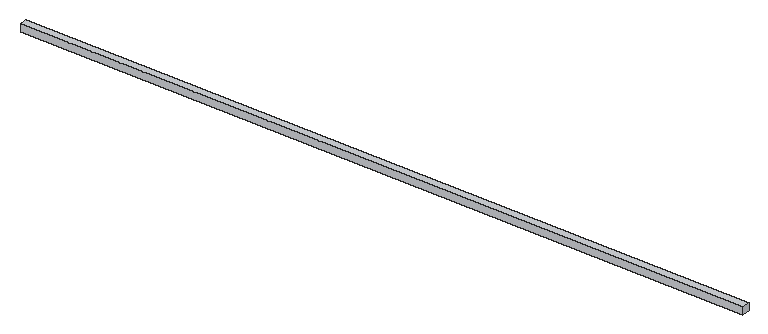
Revit family "SUPERBRILLOSA NEON FLEX_S24NX35W.1", category Luminarias, Revit 2019
Family settings
  Cota de conector redondo = Diámetro de uso
  Tipo de pieza = Normal
  Se basa en plano de trabajo = Sí
  Siempre vertical = No
  Corte con vacíos al cargar = No
  Origen de luz = Sí
  Compartido = No
  Punto de cálculo de habitación = No
Parameters (values of type "SUPERBRILLOSA NEON FLEX_S24NX35W.1")
  Tilt Angle = 60.00°
  Zone [instance] = ""
  Watt per fixture [instance] = (Longitud / 1000 mm) * (14.4)  # 14.4
  Wattage = 14.4 W
  built-in parameter 1150107 = 3000 (stored number, unit not read)
  built-in parameter 1150110 = 1 (stored number, unit not read)
  built-in parameter 1150109 = 1 (stored number, unit not read)
  built-in parameter 1150112 = 1 (stored number, unit not read)
  built-in parameter 1150113 = 1 (stored number, unit not read)
  built-in parameter 1114218 = 1 (stored number, unit not read)
  built-in parameter 1150137 = (empty or 0)
  built-in parameter 1150132 = (empty or 0)
  Modelo Lampara = ""
  Modelo = "S24NX35W.1"
  Marca = "BRILLANT"
  Longitud de línea de emisión = 600 mm
  Longitud [instance] = 1000 mm
  built-in parameter 1150105 = 73.339 (stored number, unit not read)
  built-in parameter 1150102 = (empty or 0)
  built-in parameter 1150106 = 0.73339 (stored number, unit not read)
  Lumens = 921.6 lm
  Color Filter = 16777215
  built-in parameter 1114217 = 1 (stored number, unit not read)
  built-in parameter 1150139 = (empty or 0)
  Fabricante = "BRILLANT"
  Default Elevation = 0 mm
  built-in parameter 1150104 = 5.9458 (stored number, unit not read)
  Descripción = "TIRA SUPERBRILLOSA NEON FLEX DE PCB BLANCO CON UNA POTENCIA DE 14.4W/M, USO PARA EXTERIORES IP66, IRC 90,  TEMPERATURA EN BLANCO CALIDO 3000K, 922 LUMENES/M, PRESENTACION DE 5M, CORTE 5CM, ALIMENTADO A 24V, REQUIERE ACCESORIOS."
  built-in parameter 1150115 = 1 (stored number, unit not read)
  built-in parameter 1150114 = 1 (stored number, unit not read)
  Costo USD_S24NX35 [instance] = (Longitud / 1000 mm) * (25)  # 25
  Comentarios de vataje = "24"
  built-in parameter 1150138 = (empty or 0)
  built-in parameter 1150134 = (empty or 0)
  Circuit [instance] = ""
  Dimming Lamp Color Temperature Shift = (empty or 0)
  Archivo de red fotométrica = "S24NX35W.1.IES"
  built-in parameter 1150133 = 10 (stored number, unit not read)
Reference planes
  plane 1 "Centro (Frontal/Posterior)": y = 0
  plane 2: z = 0
  plane 3 "Centro (Izquierda/Derecha)": x = 0
  plane 4 "IZQ": x = -1000
  plane 5: z = 10
Forms (mm)
  Extrusion 1, solid
    sketch origin (0, 0, 0) x (1, 0, 0) y (0, 1, 0)
      loop
        line (-1000, 5) -> (-1000, -5) -> (0, -5) -> (0, 5) -> (-1000, 5)
    from 0 to 10
Dimensions and locks
  plane 5 to imposter light = 10 mm
  "Longitud": plane 4 "IZQ" to plane 3 "Centro (Izquierda/Derecha)"
  aligned and locked: level to plane 2
  aligned and locked: plane 4 "IZQ" to Extrusion 1
  aligned and locked: plane 5 to Extrusion 1
  aligned and locked: plane 3 "Centro (Izquierda/Derecha)" to Extrusion 1
Automatic sketch dimensions
  Extrusion 1 sketch curve to plane 4 "IZQ" = 0 mm
  Extrusion 1 sketch curve to plane 3 "Centro (Izquierda/Derecha)" = 0 mm
  plane 1 "Centro (Frontal/Posterior)" to Extrusion 1 sketch curve = 5 mm
  Extrusion 1 sketch curve to plane 1 "Centro (Frontal/Posterior)" = 5 mm
Connectors
  electrical at (0, 0, 5)
    settings: on Extrusion 1, index 1, voltage 24 V, apparent load 0 VA, apparent load phase1 0 VA, apparent load phase2 0 VA, apparent load phase3 0 VA, power factor 1, load classification "Otro", number of poles 1, system type 31, power factor state 1, is connector primary yes, connector utility no, sub classification motor no, connector description ""
